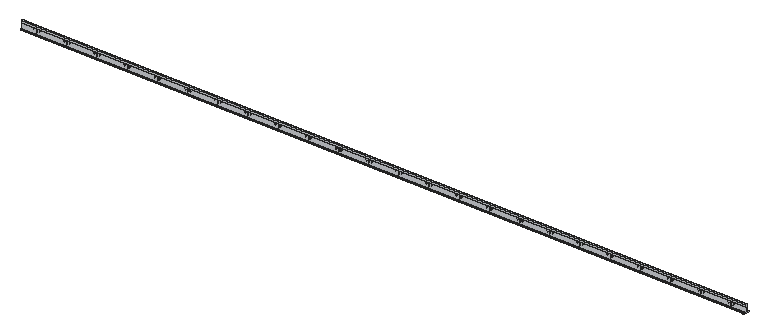
Revit family "Crosslock_Secundair_MovedOrigin", category Ceilings, Revit 2019
Family settings
  Work Plane-Based = No
  Always vertical = Yes
  Cut with Voids When Loaded = No
  Shared = Yes
Parameters (values of type "Crosslock_24_38")
  n [instance] = Lengte crosslock rail / 150 mm  # 24
  Omschrijving [instance] = "Crosslock"  # constant formula
  Model = "Quick-Lock 24-38"  # constant formula
  Materiaal rail = none
  Manufacturer = "Sain-Gobain API BV"  # constant formula
  Lengte crosslock rail [instance] = 3600 mm
  Kleur rail = none
  Description = "Crosslock"  # constant formula
Reference planes
  plane 1: x = 0.001
  plane 2: x = -1799.999
  plane 3: x = 1800.001
  plane 4: z = 18.75
  plane 5: z = 37.5
  plane 6: z = 0
  plane 7: y = 0.42
  plane 8: y = -10.83
  plane 9: y = 11.67
  plane 10: x = -1724.999
  plane 11: x = -1574.999
  plane 12: z = 6.3
Forms (mm)
  Sweep 1, solid, material <- "Kleur rail"
    path origin (-18226.015, 0.42, 4055.239) x (0, 0, 1) y (-1, 0, 0)
      loop
        line (-4055.239, -16426.016) -> (-4055.239, -20026.016)
    profile "Rail02_Crosslock : Rail02_Crosslock" origin (0.001, 0.42, 0) x (0, 0, 1) y (0, -1, 0)
      loop
        line (0.58, -0.38) -> (27.15, -0.38) -> (27.15, -3.13) -> (37.166, -3.13)
        arc (37.166, -3.13) -> (37.5, 0.02) -> (37.166, 3.17) r 15
        line (37.166, 3.17) -> (27.15, 3.17) -> (27.15, 0.42) -> (0.58, 0.42) -> (0.58, 7.814) -> (1.315, 11.27) -> (0, 11.27) -> (0, -11.23) -> (1.315, -11.23) -> (0.58, -7.774) -> (0.58, -0.38)
Lines and regions (mm)
  model lines, style "Crosslock_rail"
    curve 1: line (-1799.999, 0.4, 37.5) -> (1800.001, 0.42, 37.5)
Dimensions and locks
  equal spacing: plane 5, plane 4, plane 6
  equal spacing: plane 3, plane 1, plane 2
  equal spacing: plane 9, plane 7, plane 8
  locked: plane 5 to plane 6 at 37.5
  locked: plane 9 to plane 8 at 22.5
  "Lengte crosslock rail": plane 3 to plane 2
  plane 11 to plane 10 to plane 2 = 150 mm, 75 mm
  locked: plane 12 to plane 6 at 6.3
  equal spacing: group 1, group 2, group 3, group 4, group 5, group 6, group 7, group 8, group 9, group 10, group 11, group 12, group 13, group 14, group 15, group 16, group 17, group 18, group 19, group 20, group 21, group 22, group 23, group 24  (x3)
  aligned and locked: plane 2 to Sweep 1 sketch curve
  aligned and locked: plane 3 to Sweep 1 sketch curve
  aligned and locked: Sweep 1 sketch curve to plane 6
  aligned and locked: nested 1 to plane 12
  aligned and locked: plane 10 to nested 1
  aligned and locked: plane 11 to nested 2
  aligned and locked: nested 2 to plane 12
  aligned and locked: plane 2 to curve 1
  aligned and locked: plane 3 to curve 1
  aligned and locked: curve 1 to plane 5
Automatic sketch dimensions
  curve 1 to plane 2 = 0 mm
  curve 1 to plane 3 = 0 mm
  plane 7 to curve 1 = 0 mm
  plane 7 to curve 1 = 0.02 mm
Nested families
  nested 1: "Gatenpatroon_crosslock_GM" at (-1724.999, 0, 6.3) x (1, 0, 0) z (0, -1, 0), type "Gatenpatroon_crosslock_GM"
    with Lengte gat 1 mm, Diameter gat 20 mm
  nested 2: "Gatenpatroon_crosslock_GM" at (-1574.999, 0, 6.3) x (1, 0, 0) z (0, -1, 0), type "Gatenpatroon_crosslock_GM"
    with Lengte gat 1 mm, Diameter gat 20 mm
  nested 3: "Gatenpatroon_crosslock_GM" at (-1424.999, 0, 6.3) x (1, 0, 0) z (0, -1, 0), type "Gatenpatroon_crosslock_GM"
    with Lengte gat 1 mm, Diameter gat 20 mm
  nested 4: "Gatenpatroon_crosslock_GM" at (-1274.999, 0, 6.3) x (1, 0, 0) z (0, -1, 0), type "Gatenpatroon_crosslock_GM"
    with Lengte gat 1 mm, Diameter gat 20 mm
  nested 5: "Gatenpatroon_crosslock_GM" at (-1124.999, 0, 6.3) x (1, 0, 0) z (0, -1, 0), type "Gatenpatroon_crosslock_GM"
    with Lengte gat 1 mm, Diameter gat 20 mm
  nested 6: "Gatenpatroon_crosslock_GM" at (-974.999, 0, 6.3) x (1, 0, 0) z (0, -1, 0), type "Gatenpatroon_crosslock_GM"
    with Lengte gat 1 mm, Diameter gat 20 mm
  nested 7: "Gatenpatroon_crosslock_GM" at (-824.999, 0, 6.3) x (1, 0, 0) z (0, -1, 0), type "Gatenpatroon_crosslock_GM"
    with Lengte gat 1 mm, Diameter gat 20 mm
  nested 8: "Gatenpatroon_crosslock_GM" at (-674.999, 0, 6.3) x (1, 0, 0) z (0, -1, 0), type "Gatenpatroon_crosslock_GM"
    with Lengte gat 1 mm, Diameter gat 20 mm
  nested 9: "Gatenpatroon_crosslock_GM" at (-524.999, 0, 6.3) x (1, 0, 0) z (0, -1, 0), type "Gatenpatroon_crosslock_GM"
    with Lengte gat 1 mm, Diameter gat 20 mm
  nested 10: "Gatenpatroon_crosslock_GM" at (-374.999, 0, 6.3) x (1, 0, 0) z (0, -1, 0), type "Gatenpatroon_crosslock_GM"
    with Lengte gat 1 mm, Diameter gat 20 mm
  nested 11: "Gatenpatroon_crosslock_GM" at (-224.999, 0, 6.3) x (1, 0, 0) z (0, -1, 0), type "Gatenpatroon_crosslock_GM"
    with Lengte gat 1 mm, Diameter gat 20 mm
  nested 12: "Gatenpatroon_crosslock_GM" at (-74.999, 0, 6.3) x (1, 0, 0) z (0, -1, 0), type "Gatenpatroon_crosslock_GM"
    with Lengte gat 1 mm, Diameter gat 20 mm
  nested 13: "Gatenpatroon_crosslock_GM" at (75.001, 0, 6.3) x (1, 0, 0) z (0, -1, 0), type "Gatenpatroon_crosslock_GM"
    with Lengte gat 1 mm, Diameter gat 20 mm
  nested 14: "Gatenpatroon_crosslock_GM" at (225.001, 0, 6.3) x (1, 0, 0) z (0, -1, 0), type "Gatenpatroon_crosslock_GM"
    with Lengte gat 1 mm, Diameter gat 20 mm
  nested 15: "Gatenpatroon_crosslock_GM" at (375.001, 0, 6.3) x (1, 0, 0) z (0, -1, 0), type "Gatenpatroon_crosslock_GM"
    with Lengte gat 1 mm, Diameter gat 20 mm
  nested 16: "Gatenpatroon_crosslock_GM" at (525.001, 0, 6.3) x (1, 0, 0) z (0, -1, 0), type "Gatenpatroon_crosslock_GM"
    with Lengte gat 1 mm, Diameter gat 20 mm
  nested 17: "Gatenpatroon_crosslock_GM" at (675.001, 0, 6.3) x (1, 0, 0) z (0, -1, 0), type "Gatenpatroon_crosslock_GM"
    with Lengte gat 1 mm, Diameter gat 20 mm
  nested 18: "Gatenpatroon_crosslock_GM" at (825.001, 0, 6.3) x (1, 0, 0) z (0, -1, 0), type "Gatenpatroon_crosslock_GM"
    with Lengte gat 1 mm, Diameter gat 20 mm
  nested 19: "Gatenpatroon_crosslock_GM" at (975.001, 0, 6.3) x (1, 0, 0) z (0, -1, 0), type "Gatenpatroon_crosslock_GM"
    with Lengte gat 1 mm, Diameter gat 20 mm
  nested 20: "Gatenpatroon_crosslock_GM" at (1125.001, 0, 6.3) x (1, 0, 0) z (0, -1, 0), type "Gatenpatroon_crosslock_GM"
    with Lengte gat 1 mm, Diameter gat 20 mm
  nested 21: "Gatenpatroon_crosslock_GM" at (1275.001, 0, 6.3) x (1, 0, 0) z (0, -1, 0), type "Gatenpatroon_crosslock_GM"
    with Lengte gat 1 mm, Diameter gat 20 mm
  nested 22: "Gatenpatroon_crosslock_GM" at (1425.001, 0, 6.3) x (1, 0, 0) z (0, -1, 0), type "Gatenpatroon_crosslock_GM"
    with Lengte gat 1 mm, Diameter gat 20 mm
  nested 23: "Gatenpatroon_crosslock_GM" at (1575.001, 0, 6.3) x (1, 0, 0) z (0, -1, 0), type "Gatenpatroon_crosslock_GM"
    with Lengte gat 1 mm, Diameter gat 20 mm
  nested 24: "Gatenpatroon_crosslock_GM" at (1725.001, 0, 6.3) x (1, 0, 0) z (0, -1, 0), type "Gatenpatroon_crosslock_GM"
    with Lengte gat 1 mm, Diameter gat 20 mm
